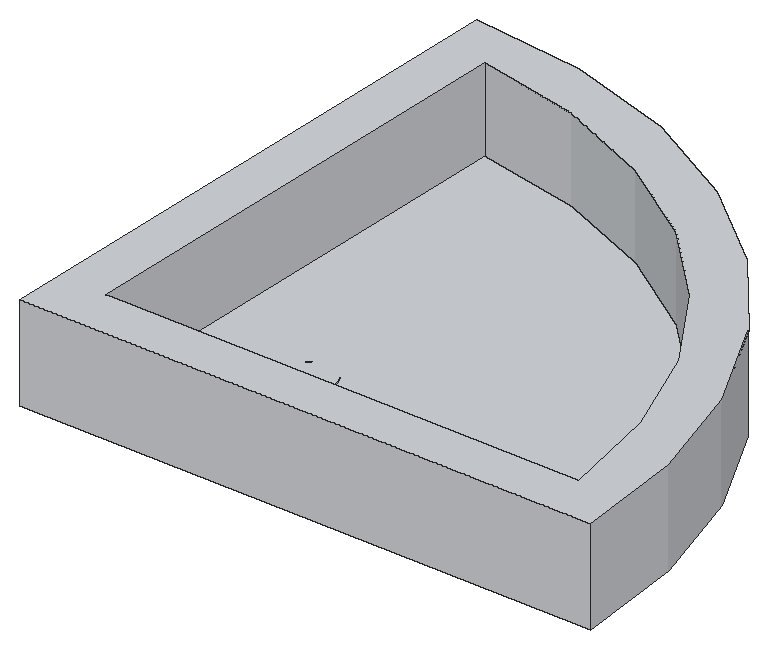
Revit family "c6fc5eea6ef2418b8917afbca69c14e4", category Plumbing Fixtures, Revit 2021
Family settings
  Round Connector Dimension = Use Radius
  Part Type = Normal
  OmniClass Number = 23.45.05.14.14
  OmniClass Title = Sinks/Lavatories
  Seek Item ID = Sink - Corner Floor-0000-USA-ENU
  Work Plane-Based = No
  Always vertical = Yes
  Cut with Voids When Loaded = No
  Shared = No
  Room Calculation Point = No
Parameters (values of type "24"")
  WFU = 2
  Sink Radius = 2' - 0"
  Sink Material = none
  Sink Depth = 0' - 3 1/2"
  Sanitary Radius = 3/4"
  Sanitary Diameter = 2 * Sanitary Radius  # 1 1/2"
  Radius 1 = Sink Radius - Edge Width  # 1' - 10"
  HWFU = 0
  Edge Width = 0' - 2"
  Default Elevation = 0' - 0"
  CWFU = 0
Reference planes (in)
  plane 1 "Center (Front/Back)": y = 0
  plane 2: z = 0
  plane 3 "Center (Left/Right)": x = 0
  plane 4: y = 24
  plane 5: x = 24
  plane 6: z = 0.5
  plane 7: z = 4
  plane 8: x = 2
  plane 9: y = 2
  plane 10: y = 6.75
  plane 11: x = 6.75
Forms (in)
  Extrusion 1, solid, material <- "Sink Material"
    sketch origin (0, 0, 0) x (1, 0, 0) y (0, 1, 0)
      loop
        line (0, 24) -> (0, 0) -> (24, 0)
        arc (24, 0) -> (16.97056, 16.97056) -> (0, 24) r 24
    from 0 to 4
  Extrusion 2, void
    sketch origin (0, 0, 0) x (1, 0, 0) y (0, 1, 0)
      loop
        line (2, 21.9089) -> (2, 2) -> (21.9089, 2)
        arc (21.9089, 2) -> (15.55635, 15.55635) -> (2, 21.9089) r 22
    from 0.5 to 4
  Extrusion 3, solid, material <- "Sink Material"
    sketch origin (0, 0, 0) x (1, 0, 0) y (0, 1, 0)
      loop
        circle (6.75, 6.75) r 1
    from 0 to 0.5
Cuts and joins
  Extrusion 2 cuts Extrusion 1
Dimensions and locks (in)
  "Sink Radius": plane 4 to plane 1 "Center (Front/Back)"
  "Sink Radius": plane 3 "Center (Left/Right)" to plane 5
  locked: plane 6 to plane 2 at 0.5
  "Sink Depth": plane 7 to plane 6
  "Edge Width": plane 3 "Center (Left/Right)" to plane 8
  "Edge Width": plane 9 to plane 1 "Center (Front/Back)"
  locked: plane 10 to plane 1 "Center (Front/Back)" at 6.75
  locked: plane 3 "Center (Left/Right)" to plane 11 at 6.75
  "Sink Radius": radius of Extrusion 1 sketch curve
  "Radius 1": radius of Extrusion 2 sketch curve
  radius of Extrusion 3 sketch curve = 0' - 1"
  aligned and locked: Extrusion 1 sketch curve to plane 3 "Center (Left/Right)"
  aligned and locked: plane 1 "Center (Front/Back)" to Extrusion 1 sketch curve
  aligned and locked: plane 4 to Extrusion 1 sketch curve
  aligned and locked: plane 5 to Extrusion 1 sketch curve
  aligned and locked: Extrusion 1 to plane 2
  aligned and locked: plane 7 to Extrusion 1
  aligned and locked: Extrusion 2 sketch curve to plane 9
  aligned and locked: Extrusion 2 sketch curve to plane 8
  aligned and locked: Extrusion 1 to Extrusion 2 sketch curve
  aligned and locked: plane 3 "Center (Left/Right)" to Extrusion 2 sketch curve
  aligned and locked: Extrusion 2 to plane 6
  aligned and locked: plane 7 to Extrusion 2
  aligned and locked: plane 10 to Extrusion 3 sketch curve
  aligned and locked: plane 11 to Extrusion 3 sketch curve
  aligned and locked: Extrusion 3 to plane 2
  aligned and locked: plane 6 to Extrusion 3
Connectors (in)
  piping at (6.75, 6.75, 0), diameter 1.5, driven by "WFU", driven by "Sanitary Radius"
    settings: on Extrusion 3, index 1, connector inside diameter 1 1/2", connector length 0' - 0", flow factor 0, pipe flow 0 GPM, pressure drop 0.00 psi, fitting loss kfactor 0, connector angle 0.00°, fixture units 2, engagement length 0' - 0", angle of deflection 0.00°, flow configuration 3, flow direction 2, fitting loss method 0, system type 16, joint type 0, gender type 0, connector reference index -1, connector utility 0, adjustable connector no, is connector primary yes, connector description "Out"
